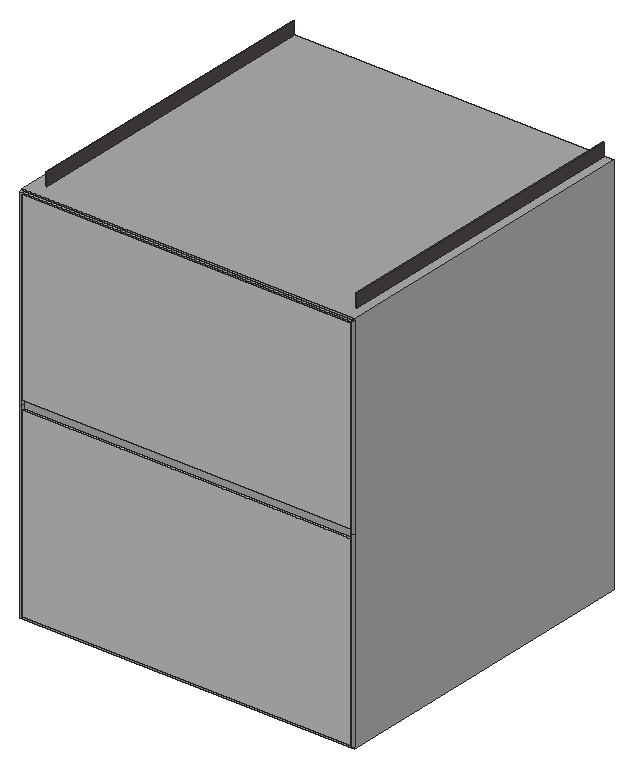
Revit family "vanity unit-hansgrohe-54174XXX-Xevolos E Vanity unit Slate Matt Grey 480_475 with 2 drawers for handrinse basin", category Furniture, Revit 2019
Family settings
  OmniClass Number = 23.40.00.00
  OmniClass Title = Equipment and Furnishings
  Work Plane-Based = No
  Always vertical = Yes
  Cut with Voids When Loaded = No
  Shared = Yes
  Room Calculation Point = No
Parameters (values of type "54174770-SLATE_MATT_GREY-METALLIC_SLATE_GREY-200")
  etim7_EC011381 = "EC011381"
  WEIGHT = "29"
  UNSPSC = "56 | Furniture and Furnishings"
  UNIFORMATII = "E2010 | Fixed Furnishings"
  UNICLASS_2015_CODE = "40_30_78_05"
  UNICLASS2015 = "Pr_40_30_78_05 | Bathroom furniture"
  SURFACE = "METALLIC_SLATE_GREY"
  REGION = "Worldwide"
  PRODUCTURL = "https://pro.hansgrohe.com/articledetail--54174770"
  PERMALINK = "54174XXX"
  OMNICLASS = "23-21 19 15 33 13 | Residential Bathroom Specialty Casework"
  OBJECTTYPE = "Object (single object)"
  OBERFLAECHE = "SLATE_MATT_GREY"
  NN = "Vanity unit with 2 drawers for handrinse basin"
  NBSYN = "$ARTNR.-$OBERFLAECHE.-$SURFACE.-$LODLEVEL."
  NB = "54174770-SLATE_MATT_GREY-METALLIC_SLATE_GREY-200"
  NAME = "Xevolos E Vanity unit Slate Matt Grey 480/475 with 2 drawers for handrinse basin"
  Model = "54174770-SLATE_MATT_GREY-METALLIC_SLATE_GREY-200"
  Manufacturer = "Hansgrohe"
  MIdent = "{$CADENAS_DATA/23d-libs/hansgrohe/xevolos_furniture/xevolos_vanity_unit_2_drawers_handrinse_basin/vanity_unit_2_drawers_for_handrinse_basin.prj},284 {VTYP=3D},{NB=54174770-SLATE_MATT_GREY-METALLIC_SLATE_GREY-200},{LINA=54174770-SLATE_MATT_GREY-METALLIC_SLATE_GREY-200},{NN=Vanity unit with 2 drawers for handrinse basin},{DATE=13.03.2023 12:26:32},{GEOMDATE=12.03.2023 06:54:00},{VERSION=},{LINEID=90},{WBVAR=LODLEVEL},{WBNUMERIC=}  {NB=54174770-SLATE_MATT_GREY-METALLIC_SLATE_GREY-200},{LINA=54174770-SLATE_MATT_GREY-METALLIC_SLATE_GREY-200},{KT=DUMMY},{IDNR=9},{ARTNR=54174770},{BASENUMBER=54174},{MODEL=54174XXX},{OBERFLAECHE=SLATE_MATT_GREY},{SURFACE=METALLIC_SLATE_GREY},{L=480},{LODLEVEL=200},{LODLEVELX='400','400','200','200'},{NAME=Xevolos E Vanity unit Slate Matt Grey 480/475 with 2 drawers for handrinse basin},{PERMALINK=54174XXX},{OBJECTTYPE=Object (single object)},{BIMOBJECT=Sanitary: Compound units},{COLLECTIONSET=Xevolos E},{COLLECTION=vanity unit},{WEIGHT=29},{DESCRIPTION=Xevolos E Vanity unit Slate Matt Grey 480/475 with 2 drawers for handrinse basin},{PRODUCTURL=https://pro.hansgrohe.com/articledetail--54174770},{GTINCODE=0},{TENDERURL=0},{IFC=Furnishing element},{ETIM=EC011381 | Bathroom furniture set},{UNICLASS2015=Pr_40_30_78_05 | Bathroom furniture},{OMNICLASS=23-21 19 15 33 13 | Residential Bathroom Specialty Casework},{MASTERFORMAT=12 35 30.23 | Bathroom Casework},{UNSPSC=56 | Furniture and Furnishings},{UNIFORMATII=E2010 | Fixed Furnishings},{REGION=Worldwide},{DESIGN=Germany},{MANUFACTURER=Germany}"
  MASTERFORMAT = "12 35 30.23 | Bathroom Casework"
  LODLEVEL = "200"
  LINA = "54174770-SLATE_MATT_GREY-METALLIC_SLATE_GREY-200"
  L = 480
  IFC = "Furnishing element"
  IDNR = 9
  ETIM = "EC011381 | Bathroom furniture set"
  DESIGN = "Germany"
  COLLECTIONSET = "Xevolos E"
  COLLECTION = "vanity unit"
  CATALOG = "Hansgrohe"
  BIMOBJECT = "Sanitary: Compound units"
  BASENUMBER = "54174"
  ARTNR = "54174770"
  54174770-SLATE_MATT_GREY-METALLIC_SLATE_GREY-400_RX0RY0RZ0TX0TY0TZ0_V = no
  54174770-SLATE_MATT_GREY-METALLIC_SLATE_GREY-200_RX0RY0RZ0TX0TY0TZ0_V = yes
  54174730-SLATE_MATT_GREY-DARK_OAK-400_RX0RY0RZ0TX0TY0TZ0_V = no
  54174730-SLATE_MATT_GREY-DARK_OAK-200_RX0RY0RZ0TX0TY0TZ0_V = no
  54174390-SLATE_MATT_GREY-PATTEREND_BRONZE-400_RX0RY0RZ0TX0TY0TZ0_V = no
  54174390-SLATE_MATT_GREY-PATTEREND_BRONZE-200_RX0RY0RZ0TX0TY0TZ0_V = no
Types (6, lengths in mm): name | SURFACE | NB | Model | MIdent | LODLEVEL | LINA | IDNR | ARTNR | 54174770-SLATE_MATT_GREY-METALLIC_SLATE_GREY-400_RX0RY0RZ0TX0TY0TZ0_V | 54174770-SLATE_MATT_GREY-METALLIC_SLATE_GREY-200_RX0RY0RZ0TX0TY0TZ0_V | 54174730-SLATE_MATT_GREY-DARK_OAK-400_RX0RY0RZ0TX0TY0TZ0_V | 54174730-SLATE_MATT_GREY-DARK_OAK-200_RX0RY0RZ0TX0TY0TZ0_V | 54174390-SLATE_MATT_GREY-PATTEREND_BRONZE-400_RX0RY0RZ0TX0TY0TZ0_V | 54174390-SLATE_MATT_GREY-PATTEREND_BRONZE-200_RX0RY0RZ0TX0TY0TZ0_V
  54174390-SLATE_MATT_GREY-PATTEREND_BRONZE-200 | "PATTEREND_BRONZE" | "54174390-SLATE_MATT_GREY-PATTEREND_BRONZE-200" | "54174390-SLATE_MATT_GREY-PATTEREND_BRONZE-200" | "{$CADENAS_DATA/23d-libs/hansgrohe/xevolos_furniture/xevolos_vanity_unit_2_drawers_handrinse_basin/vanity_unit_2_drawers_for_handrinse_basin.prj},278 {VTYP=3D},{NB=54174390-SLATE_MATT_GREY-PATTEREND_BRONZE-200},{LINA=54174390-SLATE_MATT_GREY-PATTEREND_BRONZE-200},{NN=Vanity unit with 2 drawers for handrinse basin},{DATE=13.03.2023 12:26:32},{GEOMDATE=12.03.2023 06:54:00},{VERSION=},{LINEID=70},{WBVAR=LODLEVEL},{WBNUMERIC=}  {NB=54174390-SLATE_MATT_GREY-PATTEREND_BRONZE-200},{LINA=54174390-SLATE_MATT_GREY-PATTEREND_BRONZE-200},{KT=DUMMY},{IDNR=7},{ARTNR=54174390},{BASENUMBER=54174},{MODEL=54174XXX},{OBERFLAECHE=SLATE_MATT_GREY},{SURFACE=PATTEREND_BRONZE},{L=480},{LODLEVEL=200},{LODLEVELX='400','400','200','200'},{NAME=Xevolos E Vanity unit Slate Matt Grey 480/475 with 2 drawers for handrinse basin},{PERMALINK=54174XXX},{OBJECTTYPE=Object (single object)},{BIMOBJECT=Sanitary: Compound units},{COLLECTIONSET=Xevolos E},{COLLECTION=vanity unit},{WEIGHT=29},{DESCRIPTION=Xevolos E Vanity unit Slate Matt Grey 480/475 with 2 drawers for handrinse basin},{PRODUCTURL=https://pro.hansgrohe.com/articledetail--54174770},{GTINCODE=0},{TENDERURL=0},{IFC=Furnishing element},{ETIM=EC011381 | Bathroom furniture set},{UNICLASS2015=Pr_40_30_78_05 | Bathroom furniture},{OMNICLASS=23-21 19 15 33 13 | Residential Bathroom Specialty Casework},{MASTERFORMAT=12 35 30.23 | Bathroom Casework},{UNSPSC=56 | Furniture and Furnishings},{UNIFORMATII=E2010 | Fixed Furnishings},{REGION=Worldwide},{DESIGN=Germany},{MANUFACTURER=Germany}" | "200" | "54174390-SLATE_MATT_GREY-PATTEREND_BRONZE-200" | 7 | "54174390" | no | no | no | no | no | yes
  54174390-SLATE_MATT_GREY-PATTEREND_BRONZE-400 | "PATTEREND_BRONZE" | "54174390-SLATE_MATT_GREY-PATTEREND_BRONZE-400" | "54174390-SLATE_MATT_GREY-PATTEREND_BRONZE-400" | "{$CADENAS_DATA/23d-libs/hansgrohe/xevolos_furniture/xevolos_vanity_unit_2_drawers_handrinse_basin/vanity_unit_2_drawers_for_handrinse_basin.prj},278 {VTYP=3D},{NB=54174390-SLATE_MATT_GREY-PATTEREND_BRONZE-400},{LINA=54174390-SLATE_MATT_GREY-PATTEREND_BRONZE-400},{NN=Vanity unit with 2 drawers for handrinse basin},{DATE=13.03.2023 12:26:32},{GEOMDATE=12.03.2023 06:54:00},{VERSION=},{LINEID=70},{WBVAR=LODLEVEL},{WBNUMERIC=}  {NB=54174390-SLATE_MATT_GREY-PATTEREND_BRONZE-400},{LINA=54174390-SLATE_MATT_GREY-PATTEREND_BRONZE-400},{KT=DUMMY},{IDNR=7},{ARTNR=54174390},{BASENUMBER=54174},{MODEL=54174XXX},{OBERFLAECHE=SLATE_MATT_GREY},{SURFACE=PATTEREND_BRONZE},{L=480},{LODLEVEL=400},{LODLEVELX='400','400','200','200'},{NAME=Xevolos E Vanity unit Slate Matt Grey 480/475 with 2 drawers for handrinse basin},{PERMALINK=54174XXX},{OBJECTTYPE=Object (single object)},{BIMOBJECT=Sanitary: Compound units},{COLLECTIONSET=Xevolos E},{COLLECTION=vanity unit},{WEIGHT=29},{DESCRIPTION=Xevolos E Vanity unit Slate Matt Grey 480/475 with 2 drawers for handrinse basin},{PRODUCTURL=https://pro.hansgrohe.com/articledetail--54174770},{GTINCODE=0},{TENDERURL=0},{IFC=Furnishing element},{ETIM=EC011381 | Bathroom furniture set},{UNICLASS2015=Pr_40_30_78_05 | Bathroom furniture},{OMNICLASS=23-21 19 15 33 13 | Residential Bathroom Specialty Casework},{MASTERFORMAT=12 35 30.23 | Bathroom Casework},{UNSPSC=56 | Furniture and Furnishings},{UNIFORMATII=E2010 | Fixed Furnishings},{REGION=Worldwide},{DESIGN=Germany},{MANUFACTURER=Germany}" | "400" | "54174390-SLATE_MATT_GREY-PATTEREND_BRONZE-400" | 7 | "54174390" | no | no | no | no | yes | no
  54174730-SLATE_MATT_GREY-DARK_OAK-200 | "DARK_OAK" | "54174730-SLATE_MATT_GREY-DARK_OAK-200" | "54174730-SLATE_MATT_GREY-DARK_OAK-200" | "{$CADENAS_DATA/23d-libs/hansgrohe/xevolos_furniture/xevolos_vanity_unit_2_drawers_handrinse_basin/vanity_unit_2_drawers_for_handrinse_basin.prj},262 {VTYP=3D},{NB=54174730-SLATE_MATT_GREY-DARK_OAK-200},{LINA=54174730-SLATE_MATT_GREY-DARK_OAK-200},{NN=Vanity unit with 2 drawers for handrinse basin},{DATE=13.03.2023 12:26:32},{GEOMDATE=12.03.2023 06:54:00},{VERSION=},{LINEID=80},{WBVAR=LODLEVEL},{WBNUMERIC=}  {NB=54174730-SLATE_MATT_GREY-DARK_OAK-200},{LINA=54174730-SLATE_MATT_GREY-DARK_OAK-200},{KT=DUMMY},{IDNR=8},{ARTNR=54174730},{BASENUMBER=54174},{MODEL=54174XXX},{OBERFLAECHE=SLATE_MATT_GREY},{SURFACE=DARK_OAK},{L=480},{LODLEVEL=200},{LODLEVELX='400','400','200','200'},{NAME=Xevolos E Vanity unit Slate Matt Grey 480/475 with 2 drawers for handrinse basin},{PERMALINK=54174XXX},{OBJECTTYPE=Object (single object)},{BIMOBJECT=Sanitary: Compound units},{COLLECTIONSET=Xevolos E},{COLLECTION=vanity unit},{WEIGHT=29},{DESCRIPTION=Xevolos E Vanity unit Slate Matt Grey 480/475 with 2 drawers for handrinse basin},{PRODUCTURL=https://pro.hansgrohe.com/articledetail--54174770},{GTINCODE=0},{TENDERURL=0},{IFC=Furnishing element},{ETIM=EC011381 | Bathroom furniture set},{UNICLASS2015=Pr_40_30_78_05 | Bathroom furniture},{OMNICLASS=23-21 19 15 33 13 | Residential Bathroom Specialty Casework},{MASTERFORMAT=12 35 30.23 | Bathroom Casework},{UNSPSC=56 | Furniture and Furnishings},{UNIFORMATII=E2010 | Fixed Furnishings},{REGION=Worldwide},{DESIGN=Germany},{MANUFACTURER=Germany}" | "200" | "54174730-SLATE_MATT_GREY-DARK_OAK-200" | 8 | "54174730" | no | no | no | yes | no | no
  54174730-SLATE_MATT_GREY-DARK_OAK-400 | "DARK_OAK" | "54174730-SLATE_MATT_GREY-DARK_OAK-400" | "54174730-SLATE_MATT_GREY-DARK_OAK-400" | "{$CADENAS_DATA/23d-libs/hansgrohe/xevolos_furniture/xevolos_vanity_unit_2_drawers_handrinse_basin/vanity_unit_2_drawers_for_handrinse_basin.prj},262 {VTYP=3D},{NB=54174730-SLATE_MATT_GREY-DARK_OAK-400},{LINA=54174730-SLATE_MATT_GREY-DARK_OAK-400},{NN=Vanity unit with 2 drawers for handrinse basin},{DATE=13.03.2023 12:26:32},{GEOMDATE=12.03.2023 06:54:00},{VERSION=},{LINEID=80},{WBVAR=LODLEVEL},{WBNUMERIC=}  {NB=54174730-SLATE_MATT_GREY-DARK_OAK-400},{LINA=54174730-SLATE_MATT_GREY-DARK_OAK-400},{KT=DUMMY},{IDNR=8},{ARTNR=54174730},{BASENUMBER=54174},{MODEL=54174XXX},{OBERFLAECHE=SLATE_MATT_GREY},{SURFACE=DARK_OAK},{L=480},{LODLEVEL=400},{LODLEVELX='400','400','200','200'},{NAME=Xevolos E Vanity unit Slate Matt Grey 480/475 with 2 drawers for handrinse basin},{PERMALINK=54174XXX},{OBJECTTYPE=Object (single object)},{BIMOBJECT=Sanitary: Compound units},{COLLECTIONSET=Xevolos E},{COLLECTION=vanity unit},{WEIGHT=29},{DESCRIPTION=Xevolos E Vanity unit Slate Matt Grey 480/475 with 2 drawers for handrinse basin},{PRODUCTURL=https://pro.hansgrohe.com/articledetail--54174770},{GTINCODE=0},{TENDERURL=0},{IFC=Furnishing element},{ETIM=EC011381 | Bathroom furniture set},{UNICLASS2015=Pr_40_30_78_05 | Bathroom furniture},{OMNICLASS=23-21 19 15 33 13 | Residential Bathroom Specialty Casework},{MASTERFORMAT=12 35 30.23 | Bathroom Casework},{UNSPSC=56 | Furniture and Furnishings},{UNIFORMATII=E2010 | Fixed Furnishings},{REGION=Worldwide},{DESIGN=Germany},{MANUFACTURER=Germany}" | "400" | "54174730-SLATE_MATT_GREY-DARK_OAK-400" | 8 | "54174730" | no | no | yes | no | no | no
  54174770-SLATE_MATT_GREY-METALLIC_SLATE_GREY-200 | "METALLIC_SLATE_GREY" | "54174770-SLATE_MATT_GREY-METALLIC_SLATE_GREY-200" | "54174770-SLATE_MATT_GREY-METALLIC_SLATE_GREY-200" | "{$CADENAS_DATA/23d-libs/hansgrohe/xevolos_furniture/xevolos_vanity_unit_2_drawers_handrinse_basin/vanity_unit_2_drawers_for_handrinse_basin.prj},284 {VTYP=3D},{NB=54174770-SLATE_MATT_GREY-METALLIC_SLATE_GREY-200},{LINA=54174770-SLATE_MATT_GREY-METALLIC_SLATE_GREY-200},{NN=Vanity unit with 2 drawers for handrinse basin},{DATE=13.03.2023 12:26:32},{GEOMDATE=12.03.2023 06:54:00},{VERSION=},{LINEID=90},{WBVAR=LODLEVEL},{WBNUMERIC=}  {NB=54174770-SLATE_MATT_GREY-METALLIC_SLATE_GREY-200},{LINA=54174770-SLATE_MATT_GREY-METALLIC_SLATE_GREY-200},{KT=DUMMY},{IDNR=9},{ARTNR=54174770},{BASENUMBER=54174},{MODEL=54174XXX},{OBERFLAECHE=SLATE_MATT_GREY},{SURFACE=METALLIC_SLATE_GREY},{L=480},{LODLEVEL=200},{LODLEVELX='400','400','200','200'},{NAME=Xevolos E Vanity unit Slate Matt Grey 480/475 with 2 drawers for handrinse basin},{PERMALINK=54174XXX},{OBJECTTYPE=Object (single object)},{BIMOBJECT=Sanitary: Compound units},{COLLECTIONSET=Xevolos E},{COLLECTION=vanity unit},{WEIGHT=29},{DESCRIPTION=Xevolos E Vanity unit Slate Matt Grey 480/475 with 2 drawers for handrinse basin},{PRODUCTURL=https://pro.hansgrohe.com/articledetail--54174770},{GTINCODE=0},{TENDERURL=0},{IFC=Furnishing element},{ETIM=EC011381 | Bathroom furniture set},{UNICLASS2015=Pr_40_30_78_05 | Bathroom furniture},{OMNICLASS=23-21 19 15 33 13 | Residential Bathroom Specialty Casework},{MASTERFORMAT=12 35 30.23 | Bathroom Casework},{UNSPSC=56 | Furniture and Furnishings},{UNIFORMATII=E2010 | Fixed Furnishings},{REGION=Worldwide},{DESIGN=Germany},{MANUFACTURER=Germany}" | "200" | "54174770-SLATE_MATT_GREY-METALLIC_SLATE_GREY-200" | 9 | "54174770" | no | yes | no | no | no | no
  54174770-SLATE_MATT_GREY-METALLIC_SLATE_GREY-400 | "METALLIC_SLATE_GREY" | "54174770-SLATE_MATT_GREY-METALLIC_SLATE_GREY-400" | "54174770-SLATE_MATT_GREY-METALLIC_SLATE_GREY-400" | "{$CADENAS_DATA/23d-libs/hansgrohe/xevolos_furniture/xevolos_vanity_unit_2_drawers_handrinse_basin/vanity_unit_2_drawers_for_handrinse_basin.prj},284 {VTYP=3D},{NB=54174770-SLATE_MATT_GREY-METALLIC_SLATE_GREY-400},{LINA=54174770-SLATE_MATT_GREY-METALLIC_SLATE_GREY-400},{NN=Vanity unit with 2 drawers for handrinse basin},{DATE=13.03.2023 12:26:32},{GEOMDATE=12.03.2023 06:54:00},{VERSION=},{LINEID=90},{WBVAR=LODLEVEL},{WBNUMERIC=}  {NB=54174770-SLATE_MATT_GREY-METALLIC_SLATE_GREY-400},{LINA=54174770-SLATE_MATT_GREY-METALLIC_SLATE_GREY-400},{KT=DUMMY},{IDNR=9},{ARTNR=54174770},{BASENUMBER=54174},{MODEL=54174XXX},{OBERFLAECHE=SLATE_MATT_GREY},{SURFACE=METALLIC_SLATE_GREY},{L=480},{LODLEVEL=400},{LODLEVELX='400','400','200','200'},{NAME=Xevolos E Vanity unit Slate Matt Grey 480/475 with 2 drawers for handrinse basin},{PERMALINK=54174XXX},{OBJECTTYPE=Object (single object)},{BIMOBJECT=Sanitary: Compound units},{COLLECTIONSET=Xevolos E},{COLLECTION=vanity unit},{WEIGHT=29},{DESCRIPTION=Xevolos E Vanity unit Slate Matt Grey 480/475 with 2 drawers for handrinse basin},{PRODUCTURL=https://pro.hansgrohe.com/articledetail--54174770},{GTINCODE=0},{TENDERURL=0},{IFC=Furnishing element},{ETIM=EC011381 | Bathroom furniture set},{UNICLASS2015=Pr_40_30_78_05 | Bathroom furniture},{OMNICLASS=23-21 19 15 33 13 | Residential Bathroom Specialty Casework},{MASTERFORMAT=12 35 30.23 | Bathroom Casework},{UNSPSC=56 | Furniture and Furnishings},{UNIFORMATII=E2010 | Fixed Furnishings},{REGION=Worldwide},{DESIGN=Germany},{MANUFACTURER=Germany}" | "400" | "54174770-SLATE_MATT_GREY-METALLIC_SLATE_GREY-400" | 9 | "54174770" | yes | no | no | no | no | no
Reference planes
  plane 1 "Center (Front/Back)": y = 0
  plane 2: z = 0
  plane 3 "Center (Left/Right)": x = 0
Dimensions and locks
  aligned and locked: level to plane 2
Nested families
  nested 1: "54174390-slate_matt_grey-patterend_bronze-200_content" at (0, 0, 0), visible <- "54174390-SLATE_MATT_GREY-PATTEREND_BRONZE-200_RX0RY0RZ0TX0TY0TZ0_V", ContentVisible <- "54174390-SLATE_MATT_GREY-PATTEREND_BRONZE-200_RX0RY0RZ0TX0TY0TZ0_V", type "54174390-SLATE_MATT_GREY-PATTEREND_BRONZE-200_Content"
    with ContentVisible no
  nested 2: "54174390-slate_matt_grey-patterend_bronze-400_content" at (0, 0, 0), visible <- "54174390-SLATE_MATT_GREY-PATTEREND_BRONZE-400_RX0RY0RZ0TX0TY0TZ0_V", ContentVisible <- "54174390-SLATE_MATT_GREY-PATTEREND_BRONZE-400_RX0RY0RZ0TX0TY0TZ0_V", type "54174390-SLATE_MATT_GREY-PATTEREND_BRONZE-400_Content"
    with ContentVisible no
  nested 3: "54174730-slate_matt_grey-dark_oak-200_content" at (0, 0, 0), visible <- "54174730-SLATE_MATT_GREY-DARK_OAK-200_RX0RY0RZ0TX0TY0TZ0_V", ContentVisible <- "54174730-SLATE_MATT_GREY-DARK_OAK-200_RX0RY0RZ0TX0TY0TZ0_V", type "54174730-SLATE_MATT_GREY-DARK_OAK-200_Content"
    with ContentVisible no
  nested 4: "54174730-slate_matt_grey-dark_oak-400_content" at (0, 0, 0), visible <- "54174730-SLATE_MATT_GREY-DARK_OAK-400_RX0RY0RZ0TX0TY0TZ0_V", ContentVisible <- "54174730-SLATE_MATT_GREY-DARK_OAK-400_RX0RY0RZ0TX0TY0TZ0_V", type "54174730-SLATE_MATT_GREY-DARK_OAK-400_Content"
    with ContentVisible no
  nested 5: "54174770-slate_matt_grey-metallic_slate_grey-200_content" at (0, 0, 0), visible <- "54174770-SLATE_MATT_GREY-METALLIC_SLATE_GREY-200_RX0RY0RZ0TX0TY0TZ0_V", ContentVisible <- "54174770-SLATE_MATT_GREY-METALLIC_SLATE_GREY-200_RX0RY0RZ0TX0TY0TZ0_V", type "54174770-SLATE_MATT_GREY-METALLIC_SLATE_GREY-200_Content"
    with ContentVisible yes
  nested 6: "54174770-slate_matt_grey-metallic_slate_grey-400_content" at (0, 0, 0), visible <- "54174770-SLATE_MATT_GREY-METALLIC_SLATE_GREY-400_RX0RY0RZ0TX0TY0TZ0_V", ContentVisible <- "54174770-SLATE_MATT_GREY-METALLIC_SLATE_GREY-400_RX0RY0RZ0TX0TY0TZ0_V", type "54174770-SLATE_MATT_GREY-METALLIC_SLATE_GREY-400_Content"
    with ContentVisible no
Definition of nested family "54174770-slate_matt_grey-metallic_slate_grey-200_content"
  Parameters (values of type "54174770-SLATE_MATT_GREY-METALLIC_SLATE_GREY-200_Content")
    etim7_EC011381 = "EC011381"
    WEIGHT = "29"
    UNSPSC = "56 | Furniture and Furnishings"
    UNIFORMATII = "E2010 | Fixed Furnishings"
    UNICLASS_2015_CODE = "40_30_78_05"
    UNICLASS2015 = "Pr_40_30_78_05 | Bathroom furniture"
    SURFACE = "METALLIC_SLATE_GREY"
    REGION = "Worldwide"
    PRODUCTURL = "https://pro.hansgrohe.com/articledetail--54174770"
    PERMALINK = "54174XXX"
    OMNICLASS = "23-21 19 15 33 13 | Residential Bathroom Specialty Casework"
    OBJECTTYPE = "Object (single object)"
    OBERFLAECHE = "SLATE_MATT_GREY"
    NN = "Vanity unit with 2 drawers for handrinse basin"
    NBSYN = "$ARTNR.-$OBERFLAECHE.-$SURFACE.-$LODLEVEL."
    NB = "54174770-SLATE_MATT_GREY-METALLIC_SLATE_GREY-200"
    NAME = "Xevolos E Vanity unit Slate Matt Grey 480/475 with 2 drawers for handrinse basin"
    Model = "54174770-SLATE_MATT_GREY-METALLIC_SLATE_GREY-200"
    Manufacturer = "Hansgrohe"
    MASTERFORMAT = "12 35 30.23 | Bathroom Casework"
    LODLEVEL = "200"
    LINA = "54174770-SLATE_MATT_GREY-METALLIC_SLATE_GREY-200"
    L = 480
    IFC = "Furnishing element"
    IDNR = 9
    ETIM = "EC011381 | Bathroom furniture set"
    Default Elevation = 1219.2 mm
    DESIGN = "Germany"
    ContentVisible [instance] = yes
    COLLECTIONSET = "Xevolos E"
    COLLECTION = "vanity unit"
    CATALOG = "Hansgrohe"
    BIMOBJECT = "Sanitary: Compound units"
    BASENUMBER = "54174"
    ARTNR = "54174770"
  Reference planes
    plane 1 "Center (Front/Back)": y = 0
    plane 2: z = 0
    plane 3 "Center (Left/Right)": x = 0
  Forms (mm)
    Extrusion 1, solid, visible <- "ContentVisible", detail levels medium+fine
      sketch origin (0, 0, 0) x (1, 0, 0) y (0, 1, 0)
        loop
          line (-240, 0) -> (-240, -468.3) -> (240, -468.3) -> (240, 0) -> (-240, 0)
      from 0 to 556
    Extrusion 2, solid, visible <- "ContentVisible", detail levels medium+fine
      sketch origin (0, -468.3, 0) x (1, 0, 0) y (0, 0, -1)
        loop
          line (-240, -278) -> (-238, -278) -> (-238, -4) -> (238, -4) -> (238, -278) -> (240, -278) -> (240, -2) -> (-240, -2) -> (-240, -278)
      from -4 to 0
    Extrusion 3, solid, visible <- "ContentVisible", detail levels medium+fine
      sketch origin (0, -468.3, 0) x (1, 0, 0) y (0, 0, -1)
        loop
          line (-240, -278) -> (-240, -554) -> (240, -554) -> (240, -278) -> (238, -278) -> (238, -552) -> (-238, -552) -> (-238, -278) -> (-240, -278)
      from -4 to 0
    Extrusion 4, solid, visible <- "ContentVisible", detail levels medium+fine
      sketch origin (0, -468.3, 0) x (1, 0, 0) y (0, 0, -1)
        loop
          line (-238, -272.5) -> (238, -272.5) -> (238, -4.5) -> (-238, -4.5) -> (-238, -272.5)
      from -4 to 0
    Extrusion 5, solid, visible <- "ContentVisible", detail levels medium+fine
      sketch origin (0, -468.3, 0) x (1, 0, 0) y (0, 0, -1)
        loop
          line (-238, -553.5) -> (238, -553.5) -> (238, -285.5) -> (-238, -285.5) -> (-238, -553.5)
      from -4 to 0
    Extrusion 6, solid, visible <- "ContentVisible", detail levels medium+fine
      sketch origin (-224, 0, 0) x (0, 0, -1) y (0, 1, 0)
        loop
          line (-574, 0) -> (-574, -446) -> (-534, -446) -> (-534, 0) -> (-574, 0)
      from 0 to 2
    Extrusion 7, solid, visible <- "ContentVisible", detail levels medium+fine
      sketch origin (224, 0, 0) x (0, 0, -1) y (0, 1, 0)
        loop
          line (-574, 0) -> (-574, -446) -> (-534, -446) -> (-534, 0) -> (-574, 0)
      from 0 to 2
    Extrusion 8, solid, visible <- "ContentVisible", detail levels coarse
      sketch origin (0, -236.15, 0) x (1, 0, 0) y (0, 1, 0)
        loop
          line (-240, -236.15) -> (240, -236.15) -> (240, 236.15) -> (-240, 236.15) -> (-240, -236.15)
      from 0 to 574
  Dimensions and locks
    aligned and locked: level to plane 2
Definition of nested family "54174390-slate_matt_grey-patterend_bronze-200_content"
  Parameters (values of type "54174390-SLATE_MATT_GREY-PATTEREND_BRONZE-200_Content")
    etim7_EC011381 = "EC011381"
    WEIGHT = "29"
    UNSPSC = "56 | Furniture and Furnishings"
    UNIFORMATII = "E2010 | Fixed Furnishings"
    UNICLASS_2015_CODE = "40_30_78_05"
    UNICLASS2015 = "Pr_40_30_78_05 | Bathroom furniture"
    SURFACE = "PATTEREND_BRONZE"
    REGION = "Worldwide"
    PRODUCTURL = "https://pro.hansgrohe.com/articledetail--54174770"
    PERMALINK = "54174XXX"
    OMNICLASS = "23-21 19 15 33 13 | Residential Bathroom Specialty Casework"
    OBJECTTYPE = "Object (single object)"
    OBERFLAECHE = "SLATE_MATT_GREY"
    NN = "Vanity unit with 2 drawers for handrinse basin"
    NBSYN = "$ARTNR.-$OBERFLAECHE.-$SURFACE.-$LODLEVEL."
    NB = "54174390-SLATE_MATT_GREY-PATTEREND_BRONZE-200"
    NAME = "Xevolos E Vanity unit Slate Matt Grey 480/475 with 2 drawers for handrinse basin"
    Model = "54174390-SLATE_MATT_GREY-PATTEREND_BRONZE-200"
    Manufacturer = "Hansgrohe"
    MASTERFORMAT = "12 35 30.23 | Bathroom Casework"
    LODLEVEL = "200"
    LINA = "54174390-SLATE_MATT_GREY-PATTEREND_BRONZE-200"
    L = 480
    IFC = "Furnishing element"
    IDNR = 7
    ETIM = "EC011381 | Bathroom furniture set"
    Default Elevation = 1219.2 mm
    DESIGN = "Germany"
    ContentVisible [instance] = yes
    COLLECTIONSET = "Xevolos E"
    COLLECTION = "vanity unit"
    CATALOG = "Hansgrohe"
    BIMOBJECT = "Sanitary: Compound units"
    BASENUMBER = "54174"
    ARTNR = "54174390"
  Reference planes
    plane 1 "Center (Front/Back)": y = 0
    plane 2: z = 0
    plane 3 "Center (Left/Right)": x = 0
  Forms (mm)
    Extrusion 1, solid, visible <- "ContentVisible", detail levels medium+fine
      sketch origin (0, 0, 0) x (1, 0, 0) y (0, 1, 0)
        loop
          line (-240, 0) -> (-240, -468.3) -> (240, -468.3) -> (240, 0) -> (-240, 0)
      from 0 to 556
    Extrusion 2, solid, visible <- "ContentVisible", detail levels medium+fine
      sketch origin (0, -468.3, 0) x (1, 0, 0) y (0, 0, -1)
        loop
          line (-240, -278) -> (-238, -278) -> (-238, -4) -> (238, -4) -> (238, -278) -> (240, -278) -> (240, -2) -> (-240, -2) -> (-240, -278)
      from -4 to 0
    Extrusion 3, solid, visible <- "ContentVisible", detail levels medium+fine
      sketch origin (0, -468.3, 0) x (1, 0, 0) y (0, 0, -1)
        loop
          line (-240, -278) -> (-240, -554) -> (240, -554) -> (240, -278) -> (238, -278) -> (238, -552) -> (-238, -552) -> (-238, -278) -> (-240, -278)
      from -4 to 0
    Extrusion 4, solid, visible <- "ContentVisible", detail levels medium+fine
      sketch origin (0, -468.3, 0) x (1, 0, 0) y (0, 0, -1)
        loop
          line (-238, -272.5) -> (238, -272.5) -> (238, -4.5) -> (-238, -4.5) -> (-238, -272.5)
      from -4 to 0
    Extrusion 5, solid, visible <- "ContentVisible", detail levels medium+fine
      sketch origin (0, -468.3, 0) x (1, 0, 0) y (0, 0, -1)
        loop
          line (-238, -553.5) -> (238, -553.5) -> (238, -285.5) -> (-238, -285.5) -> (-238, -553.5)
      from -4 to 0
    Extrusion 6, solid, visible <- "ContentVisible", detail levels medium+fine
      sketch origin (-224, 0, 0) x (0, 0, -1) y (0, 1, 0)
        loop
          line (-574, 0) -> (-574, -446) -> (-534, -446) -> (-534, 0) -> (-574, 0)
      from 0 to 2
    Extrusion 7, solid, visible <- "ContentVisible", detail levels medium+fine
      sketch origin (224, 0, 0) x (0, 0, -1) y (0, 1, 0)
        loop
          line (-574, 0) -> (-574, -446) -> (-534, -446) -> (-534, 0) -> (-574, 0)
      from 0 to 2
    Extrusion 8, solid, visible <- "ContentVisible", detail levels coarse
      sketch origin (0, -236.15, 0) x (1, 0, 0) y (0, 1, 0)
        loop
          line (-240, -236.15) -> (240, -236.15) -> (240, 236.15) -> (-240, 236.15) -> (-240, -236.15)
      from 0 to 574
  Dimensions and locks
    aligned and locked: level to plane 2
Definition of nested family "54174390-slate_matt_grey-patterend_bronze-400_content"
  Parameters (values of type "54174390-SLATE_MATT_GREY-PATTEREND_BRONZE-400_Content")
    etim7_EC011381 = "EC011381"
    WEIGHT = "29"
    UNSPSC = "56 | Furniture and Furnishings"
    UNIFORMATII = "E2010 | Fixed Furnishings"
    UNICLASS_2015_CODE = "40_30_78_05"
    UNICLASS2015 = "Pr_40_30_78_05 | Bathroom furniture"
    SURFACE = "PATTEREND_BRONZE"
    REGION = "Worldwide"
    PRODUCTURL = "https://pro.hansgrohe.com/articledetail--54174770"
    PERMALINK = "54174XXX"
    OMNICLASS = "23-21 19 15 33 13 | Residential Bathroom Specialty Casework"
    OBJECTTYPE = "Object (single object)"
    OBERFLAECHE = "SLATE_MATT_GREY"
    NN = "Vanity unit with 2 drawers for handrinse basin"
    NBSYN = "$ARTNR.-$OBERFLAECHE.-$SURFACE.-$LODLEVEL."
    NB = "54174390-SLATE_MATT_GREY-PATTEREND_BRONZE-400"
    NAME = "Xevolos E Vanity unit Slate Matt Grey 480/475 with 2 drawers for handrinse basin"
    Model = "54174390-SLATE_MATT_GREY-PATTEREND_BRONZE-400"
    Manufacturer = "Hansgrohe"
    MASTERFORMAT = "12 35 30.23 | Bathroom Casework"
    LODLEVEL = "400"
    LINA = "54174390-SLATE_MATT_GREY-PATTEREND_BRONZE-400"
    L = 480
    IFC = "Furnishing element"
    IDNR = 7
    ETIM = "EC011381 | Bathroom furniture set"
    Default Elevation = 1219.2 mm
    DESIGN = "Germany"
    ContentVisible [instance] = yes
    COLLECTIONSET = "Xevolos E"
    COLLECTION = "vanity unit"
    CATALOG = "Hansgrohe"
    BIMOBJECT = "Sanitary: Compound units"
    BASENUMBER = "54174"
    ARTNR = "54174390"
  Reference planes
    plane 1 "Center (Front/Back)": y = 0
    plane 2: z = 0
    plane 3 "Center (Left/Right)": x = 0
  Forms (mm)
    Extrusion 1, solid, visible <- "ContentVisible", detail levels medium+fine
      sketch origin (0, 0, 0) x (1, 0, 0) y (0, 1, 0)
        loop
          line (-240, 0) -> (-240, -472.3) -> (-238, -472.3) -> (-238, -468.3) -> (-224, -468.3) -> (-224, 0) -> (-240, 0)
      from 0 to 556
    Extrusion 2, solid, visible <- "ContentVisible", detail levels medium+fine
      sketch origin (0, 0, 0) x (1, 0, 0) y (0, 1, 0)
        loop
          line (-224, -79) -> (-224, -445.5) -> (224, -445.5) -> (224, -79) -> (-224, -79)
      from 0 to 16
    Extrusion 3, solid, visible <- "ContentVisible", detail levels medium+fine
      sketch origin (0, 0, 0) x (1, 0, 0) y (0, 1, 0)
        loop
          line (224, 0) -> (224, -468.3) -> (238, -468.3) -> (238, -472.3) -> (240, -472.3) -> (240, 0) -> (224, 0)
      from 0 to 556
    Extrusion 4, solid, visible <- "ContentVisible", detail levels medium+fine
      sketch origin (0, 0, 0.5) x (1, 0, 0) y (0, 1, 0)
        loop
          line (-224, -63) -> (-224, -79) -> (224, -79) -> (224, -63) -> (-224, -63)
      from 0 to 126
    Extrusion 5, solid, visible <- "ContentVisible", detail levels medium+fine
      sketch origin (0, 0, 2) x (1, 0, 0) y (0, 1, 0)
        loop
          line (-238, -451) -> (-238, -472.3) -> (238, -472.3) -> (238, -451) -> (-238, -451)
      from 0 to 2
    Extrusion 6, solid, visible <- "ContentVisible", detail levels medium+fine
      sketch origin (0, 0, 554) x (1, 0, 0) y (0, 1, 0)
        loop
          line (-238, -451) -> (-238, -472.3) -> (238, -472.3) -> (238, -451) -> (-238, -451)
      from -2 to 0
    Extrusion 7, solid, visible <- "ContentVisible", detail levels medium+fine
      sketch origin (0, -468.3, 0) x (1, 0, 0) y (0, 0, -1)
        loop
          line (-238, -272.5) -> (238, -272.5) -> (238, -4.5) -> (-238, -4.5) -> (-238, -272.5)
      from -4 to 0
    Extrusion 8, solid, visible <- "ContentVisible", detail levels medium+fine
      sketch origin (0, -468.3, 0) x (1, 0, 0) y (0, 0, -1)
        loop
          line (-238, -553.5) -> (238, -553.5) -> (238, -285.5) -> (-238, -285.5) -> (-238, -553.5)
      from -4 to 0
    Extrusion 9, solid, visible <- "ContentVisible", detail levels medium+fine
      sketch origin (0, 0, 272.5) x (1, 0, 0) y (0, 1, 0)
        loop
          line (-238, -451) -> (-238, -472.3) -> (238, -472.3) -> (238, -451) -> (-238, -451)
      from 0 to 2
    Extrusion 10, solid, visible <- "ContentVisible", detail levels medium+fine
      sketch origin (0, 0, 285.5) x (1, 0, 0) y (0, 1, 0)
        loop
          line (-238, -451) -> (-238, -472.3) -> (238, -472.3) -> (238, -451) -> (-238, -451)
      from -2 to 0
    Extrusion 11, solid, visible <- "ContentVisible", detail levels medium+fine
      sketch origin (0, -468.3, 0) x (1, 0, 0) y (0, 0, -1)
        loop
          line (-238, -274.5) -> (238, -274.5) -> (238, -4.5) -> (-238, -4.5) -> (-238, -274.5)
        loop
          line (-164, -78) -> (-164, -272.5) -> (164, -272.5) -> (164, -78) -> (-164, -78)
      from 0 to 17
    Extrusion 12, solid, visible <- "ContentVisible", detail levels medium+fine
      sketch origin (0, -468.3, 0) x (1, 0, 0) y (0, 0, -1)
        loop
          line (-238, -553.5) -> (-162, -553.5) -> (-162, -361.5) -> (162, -361.5) -> (162, -553.5) -> (238, -553.5) -> (238, -285.5) -> (-238, -285.5) -> (-238, -553.5)
      from 0 to 17
    Extrusion 13, solid, visible <- "ContentVisible", detail levels medium+fine
      sketch origin (-224, 0, 0) x (0, 0, -1) y (0, 1, 0)
        loop
          line (-574, 0) -> (-574, -446) -> (-534, -446) -> (-534, 0) -> (-574, 0)
      from 0 to 2
    Extrusion 14, solid, visible <- "ContentVisible", detail levels medium+fine
      sketch origin (224, 0, 0) x (0, 0, -1) y (0, 1, 0)
        loop
          line (-574, 0) -> (-574, -446) -> (-534, -446) -> (-534, 0) -> (-574, 0)
      from 0 to 2
    Extrusion 15, solid, visible <- "ContentVisible", detail levels medium+fine
      sketch origin (0, 0, 0) x (0, 0, -1) y (0, 1, 0)
        loop
          line (-285, -319.5) -> (-285, -444) -> (-269, -444) -> (-269, -319.5) -> (-285, -319.5)
      from -224 to 224
    Extrusion 16, solid, visible <- "ContentVisible", detail levels coarse
      sketch origin (0, -236.15, 0) x (1, 0, 0) y (0, 1, 0)
        loop
          line (-240, -236.15) -> (240, -236.15) -> (240, 236.15) -> (-240, 236.15) -> (-240, -236.15)
      from 0 to 574
  Dimensions and locks
    aligned and locked: level to plane 2
Definition of nested family "54174730-slate_matt_grey-dark_oak-200_content"
  Parameters (values of type "54174730-SLATE_MATT_GREY-DARK_OAK-200_Content")
    etim7_EC011381 = "EC011381"
    WEIGHT = "29"
    UNSPSC = "56 | Furniture and Furnishings"
    UNIFORMATII = "E2010 | Fixed Furnishings"
    UNICLASS_2015_CODE = "40_30_78_05"
    UNICLASS2015 = "Pr_40_30_78_05 | Bathroom furniture"
    SURFACE = "DARK_OAK"
    REGION = "Worldwide"
    PRODUCTURL = "https://pro.hansgrohe.com/articledetail--54174770"
    PERMALINK = "54174XXX"
    OMNICLASS = "23-21 19 15 33 13 | Residential Bathroom Specialty Casework"
    OBJECTTYPE = "Object (single object)"
    OBERFLAECHE = "SLATE_MATT_GREY"
    NN = "Vanity unit with 2 drawers for handrinse basin"
    NBSYN = "$ARTNR.-$OBERFLAECHE.-$SURFACE.-$LODLEVEL."
    NB = "54174730-SLATE_MATT_GREY-DARK_OAK-200"
    NAME = "Xevolos E Vanity unit Slate Matt Grey 480/475 with 2 drawers for handrinse basin"
    Model = "54174730-SLATE_MATT_GREY-DARK_OAK-200"
    Manufacturer = "Hansgrohe"
    MASTERFORMAT = "12 35 30.23 | Bathroom Casework"
    LODLEVEL = "200"
    LINA = "54174730-SLATE_MATT_GREY-DARK_OAK-200"
    L = 480
    IFC = "Furnishing element"
    IDNR = 8
    ETIM = "EC011381 | Bathroom furniture set"
    Default Elevation = 1219.2 mm
    DESIGN = "Germany"
    ContentVisible [instance] = yes
    COLLECTIONSET = "Xevolos E"
    COLLECTION = "vanity unit"
    CATALOG = "Hansgrohe"
    BIMOBJECT = "Sanitary: Compound units"
    BASENUMBER = "54174"
    ARTNR = "54174730"
  Reference planes
    plane 1 "Center (Front/Back)": y = 0
    plane 2: z = 0
    plane 3 "Center (Left/Right)": x = 0
  Forms (mm)
    Extrusion 1, solid, visible <- "ContentVisible", detail levels medium+fine
      sketch origin (0, 0, 0) x (1, 0, 0) y (0, 1, 0)
        loop
          line (-240, 0) -> (-240, -468.3) -> (240, -468.3) -> (240, 0) -> (-240, 0)
      from 0 to 556
    Extrusion 2, solid, visible <- "ContentVisible", detail levels medium+fine
      sketch origin (0, -468.3, 0) x (1, 0, 0) y (0, 0, -1)
        loop
          line (-240, -278) -> (-238, -278) -> (-238, -4) -> (238, -4) -> (238, -278) -> (240, -278) -> (240, -2) -> (-240, -2) -> (-240, -278)
      from -4 to 0
    Extrusion 3, solid, visible <- "ContentVisible", detail levels medium+fine
      sketch origin (0, -468.3, 0) x (1, 0, 0) y (0, 0, -1)
        loop
          line (-240, -278) -> (-240, -554) -> (240, -554) -> (240, -278) -> (238, -278) -> (238, -552) -> (-238, -552) -> (-238, -278) -> (-240, -278)
      from -4 to 0
    Extrusion 4, solid, visible <- "ContentVisible", detail levels medium+fine
      sketch origin (0, -468.3, 0) x (1, 0, 0) y (0, 0, -1)
        loop
          line (-238, -272.5) -> (238, -272.5) -> (238, -4.5) -> (-238, -4.5) -> (-238, -272.5)
      from -4 to 0
    Extrusion 5, solid, visible <- "ContentVisible", detail levels medium+fine
      sketch origin (0, -468.3, 0) x (1, 0, 0) y (0, 0, -1)
        loop
          line (-238, -553.5) -> (238, -553.5) -> (238, -285.5) -> (-238, -285.5) -> (-238, -553.5)
      from -4 to 0
    Extrusion 6, solid, visible <- "ContentVisible", detail levels medium+fine
      sketch origin (-224, 0, 0) x (0, 0, -1) y (0, 1, 0)
        loop
          line (-574, 0) -> (-574, -446) -> (-534, -446) -> (-534, 0) -> (-574, 0)
      from 0 to 2
    Extrusion 7, solid, visible <- "ContentVisible", detail levels medium+fine
      sketch origin (224, 0, 0) x (0, 0, -1) y (0, 1, 0)
        loop
          line (-574, 0) -> (-574, -446) -> (-534, -446) -> (-534, 0) -> (-574, 0)
      from 0 to 2
    Extrusion 8, solid, visible <- "ContentVisible", detail levels coarse
      sketch origin (0, -236.15, 0) x (1, 0, 0) y (0, 1, 0)
        loop
          line (-240, -236.15) -> (240, -236.15) -> (240, 236.15) -> (-240, 236.15) -> (-240, -236.15)
      from 0 to 574
  Dimensions and locks
    aligned and locked: level to plane 2
Definition of nested family "54174730-slate_matt_grey-dark_oak-400_content"
  Parameters (values of type "54174730-SLATE_MATT_GREY-DARK_OAK-400_Content")
    etim7_EC011381 = "EC011381"
    WEIGHT = "29"
    UNSPSC = "56 | Furniture and Furnishings"
    UNIFORMATII = "E2010 | Fixed Furnishings"
    UNICLASS_2015_CODE = "40_30_78_05"
    UNICLASS2015 = "Pr_40_30_78_05 | Bathroom furniture"
    SURFACE = "DARK_OAK"
    REGION = "Worldwide"
    PRODUCTURL = "https://pro.hansgrohe.com/articledetail--54174770"
    PERMALINK = "54174XXX"
    OMNICLASS = "23-21 19 15 33 13 | Residential Bathroom Specialty Casework"
    OBJECTTYPE = "Object (single object)"
    OBERFLAECHE = "SLATE_MATT_GREY"
    NN = "Vanity unit with 2 drawers for handrinse basin"
    NBSYN = "$ARTNR.-$OBERFLAECHE.-$SURFACE.-$LODLEVEL."
    NB = "54174730-SLATE_MATT_GREY-DARK_OAK-400"
    NAME = "Xevolos E Vanity unit Slate Matt Grey 480/475 with 2 drawers for handrinse basin"
    Model = "54174730-SLATE_MATT_GREY-DARK_OAK-400"
    Manufacturer = "Hansgrohe"
    MASTERFORMAT = "12 35 30.23 | Bathroom Casework"
    LODLEVEL = "400"
    LINA = "54174730-SLATE_MATT_GREY-DARK_OAK-400"
    L = 480
    IFC = "Furnishing element"
    IDNR = 8
    ETIM = "EC011381 | Bathroom furniture set"
    Default Elevation = 1219.2 mm
    DESIGN = "Germany"
    ContentVisible [instance] = yes
    COLLECTIONSET = "Xevolos E"
    COLLECTION = "vanity unit"
    CATALOG = "Hansgrohe"
    BIMOBJECT = "Sanitary: Compound units"
    BASENUMBER = "54174"
    ARTNR = "54174730"
  Reference planes
    plane 1 "Center (Front/Back)": y = 0
    plane 2: z = 0
    plane 3 "Center (Left/Right)": x = 0
  Forms (mm)
    Extrusion 1, solid, visible <- "ContentVisible", detail levels medium+fine
      sketch origin (0, 0, 0) x (1, 0, 0) y (0, 1, 0)
        loop
          line (-240, 0) -> (-240, -472.3) -> (-238, -472.3) -> (-238, -468.3) -> (-224, -468.3) -> (-224, 0) -> (-240, 0)
      from 0 to 556
    Extrusion 2, solid, visible <- "ContentVisible", detail levels medium+fine
      sketch origin (0, 0, 0) x (1, 0, 0) y (0, 1, 0)
        loop
          line (-224, -79) -> (-224, -445.5) -> (224, -445.5) -> (224, -79) -> (-224, -79)
      from 0 to 16
    Extrusion 3, solid, visible <- "ContentVisible", detail levels medium+fine
      sketch origin (0, 0, 0) x (1, 0, 0) y (0, 1, 0)
        loop
          line (224, 0) -> (224, -468.3) -> (238, -468.3) -> (238, -472.3) -> (240, -472.3) -> (240, 0) -> (224, 0)
      from 0 to 556
    Extrusion 4, solid, visible <- "ContentVisible", detail levels medium+fine
      sketch origin (0, 0, 0.5) x (1, 0, 0) y (0, 1, 0)
        loop
          line (-224, -63) -> (-224, -79) -> (224, -79) -> (224, -63) -> (-224, -63)
      from 0 to 126
    Extrusion 5, solid, visible <- "ContentVisible", detail levels medium+fine
      sketch origin (0, 0, 2) x (1, 0, 0) y (0, 1, 0)
        loop
          line (-238, -451) -> (-238, -472.3) -> (238, -472.3) -> (238, -451) -> (-238, -451)
      from 0 to 2
    Extrusion 6, solid, visible <- "ContentVisible", detail levels medium+fine
      sketch origin (0, 0, 554) x (1, 0, 0) y (0, 1, 0)
        loop
          line (-238, -451) -> (-238, -472.3) -> (238, -472.3) -> (238, -451) -> (-238, -451)
      from -2 to 0
    Extrusion 7, solid, visible <- "ContentVisible", detail levels medium+fine
      sketch origin (0, -468.3, 0) x (1, 0, 0) y (0, 0, -1)
        loop
          line (-238, -272.5) -> (238, -272.5) -> (238, -4.5) -> (-238, -4.5) -> (-238, -272.5)
      from -4 to 0
    Extrusion 8, solid, visible <- "ContentVisible", detail levels medium+fine
      sketch origin (0, -468.3, 0) x (1, 0, 0) y (0, 0, -1)
        loop
          line (-238, -553.5) -> (238, -553.5) -> (238, -285.5) -> (-238, -285.5) -> (-238, -553.5)
      from -4 to 0
    Extrusion 9, solid, visible <- "ContentVisible", detail levels medium+fine
      sketch origin (0, 0, 272.5) x (1, 0, 0) y (0, 1, 0)
        loop
          line (-238, -451) -> (-238, -472.3) -> (238, -472.3) -> (238, -451) -> (-238, -451)
      from 0 to 2
    Extrusion 10, solid, visible <- "ContentVisible", detail levels medium+fine
      sketch origin (0, 0, 285.5) x (1, 0, 0) y (0, 1, 0)
        loop
          line (-238, -451) -> (-238, -472.3) -> (238, -472.3) -> (238, -451) -> (-238, -451)
      from -2 to 0
    Extrusion 11, solid, visible <- "ContentVisible", detail levels medium+fine
      sketch origin (0, -468.3, 0) x (1, 0, 0) y (0, 0, -1)
        loop
          line (-238, -274.5) -> (238, -274.5) -> (238, -4.5) -> (-238, -4.5) -> (-238, -274.5)
        loop
          line (-164, -78) -> (-164, -272.5) -> (164, -272.5) -> (164, -78) -> (-164, -78)
      from 0 to 17
    Extrusion 12, solid, visible <- "ContentVisible", detail levels medium+fine
      sketch origin (0, -468.3, 0) x (1, 0, 0) y (0, 0, -1)
        loop
          line (-238, -553.5) -> (-162, -553.5) -> (-162, -361.5) -> (162, -361.5) -> (162, -553.5) -> (238, -553.5) -> (238, -285.5) -> (-238, -285.5) -> (-238, -553.5)
      from 0 to 17
    Extrusion 13, solid, visible <- "ContentVisible", detail levels medium+fine
      sketch origin (-224, 0, 0) x (0, 0, -1) y (0, 1, 0)
        loop
          line (-574, 0) -> (-574, -446) -> (-534, -446) -> (-534, 0) -> (-574, 0)
      from 0 to 2
    Extrusion 14, solid, visible <- "ContentVisible", detail levels medium+fine
      sketch origin (224, 0, 0) x (0, 0, -1) y (0, 1, 0)
        loop
          line (-574, 0) -> (-574, -446) -> (-534, -446) -> (-534, 0) -> (-574, 0)
      from 0 to 2
    Extrusion 15, solid, visible <- "ContentVisible", detail levels medium+fine
      sketch origin (0, 0, 0) x (0, 0, -1) y (0, 1, 0)
        loop
          line (-285, -319.5) -> (-285, -444) -> (-269, -444) -> (-269, -319.5) -> (-285, -319.5)
      from -224 to 224
    Extrusion 16, solid, visible <- "ContentVisible", detail levels coarse
      sketch origin (0, -236.15, 0) x (1, 0, 0) y (0, 1, 0)
        loop
          line (-240, -236.15) -> (240, -236.15) -> (240, 236.15) -> (-240, 236.15) -> (-240, -236.15)
      from 0 to 574
  Dimensions and locks
    aligned and locked: level to plane 2
Definition of nested family "54174770-slate_matt_grey-metallic_slate_grey-400_content"
  Parameters (values of type "54174770-SLATE_MATT_GREY-METALLIC_SLATE_GREY-400_Content")
    etim7_EC011381 = "EC011381"
    WEIGHT = "29"
    UNSPSC = "56 | Furniture and Furnishings"
    UNIFORMATII = "E2010 | Fixed Furnishings"
    UNICLASS_2015_CODE = "40_30_78_05"
    UNICLASS2015 = "Pr_40_30_78_05 | Bathroom furniture"
    SURFACE = "METALLIC_SLATE_GREY"
    REGION = "Worldwide"
    PRODUCTURL = "https://pro.hansgrohe.com/articledetail--54174770"
    PERMALINK = "54174XXX"
    OMNICLASS = "23-21 19 15 33 13 | Residential Bathroom Specialty Casework"
    OBJECTTYPE = "Object (single object)"
    OBERFLAECHE = "SLATE_MATT_GREY"
    NN = "Vanity unit with 2 drawers for handrinse basin"
    NBSYN = "$ARTNR.-$OBERFLAECHE.-$SURFACE.-$LODLEVEL."
    NB = "54174770-SLATE_MATT_GREY-METALLIC_SLATE_GREY-400"
    NAME = "Xevolos E Vanity unit Slate Matt Grey 480/475 with 2 drawers for handrinse basin"
    Model = "54174770-SLATE_MATT_GREY-METALLIC_SLATE_GREY-400"
    Manufacturer = "Hansgrohe"
    MASTERFORMAT = "12 35 30.23 | Bathroom Casework"
    LODLEVEL = "400"
    LINA = "54174770-SLATE_MATT_GREY-METALLIC_SLATE_GREY-400"
    L = 480
    IFC = "Furnishing element"
    IDNR = 9
    ETIM = "EC011381 | Bathroom furniture set"
    Default Elevation = 1219.2 mm
    DESIGN = "Germany"
    ContentVisible [instance] = yes
    COLLECTIONSET = "Xevolos E"
    COLLECTION = "vanity unit"
    CATALOG = "Hansgrohe"
    BIMOBJECT = "Sanitary: Compound units"
    BASENUMBER = "54174"
    ARTNR = "54174770"
  Reference planes
    plane 1 "Center (Front/Back)": y = 0
    plane 2: z = 0
    plane 3 "Center (Left/Right)": x = 0
  Forms (mm)
    Extrusion 1, solid, visible <- "ContentVisible", detail levels medium+fine
      sketch origin (0, 0, 0) x (1, 0, 0) y (0, 1, 0)
        loop
          line (-240, 0) -> (-240, -472.3) -> (-238, -472.3) -> (-238, -468.3) -> (-224, -468.3) -> (-224, 0) -> (-240, 0)
      from 0 to 556
    Extrusion 2, solid, visible <- "ContentVisible", detail levels medium+fine
      sketch origin (0, 0, 0) x (1, 0, 0) y (0, 1, 0)
        loop
          line (-224, -79) -> (-224, -445.5) -> (224, -445.5) -> (224, -79) -> (-224, -79)
      from 0 to 16
    Extrusion 3, solid, visible <- "ContentVisible", detail levels medium+fine
      sketch origin (0, 0, 0) x (1, 0, 0) y (0, 1, 0)
        loop
          line (224, 0) -> (224, -468.3) -> (238, -468.3) -> (238, -472.3) -> (240, -472.3) -> (240, 0) -> (224, 0)
      from 0 to 556
    Extrusion 4, solid, visible <- "ContentVisible", detail levels medium+fine
      sketch origin (0, 0, 0.5) x (1, 0, 0) y (0, 1, 0)
        loop
          line (-224, -63) -> (-224, -79) -> (224, -79) -> (224, -63) -> (-224, -63)
      from 0 to 126
    Extrusion 5, solid, visible <- "ContentVisible", detail levels medium+fine
      sketch origin (0, 0, 2) x (1, 0, 0) y (0, 1, 0)
        loop
          line (-238, -451) -> (-238, -472.3) -> (238, -472.3) -> (238, -451) -> (-238, -451)
      from 0 to 2
    Extrusion 6, solid, visible <- "ContentVisible", detail levels medium+fine
      sketch origin (0, 0, 554) x (1, 0, 0) y (0, 1, 0)
        loop
          line (-238, -451) -> (-238, -472.3) -> (238, -472.3) -> (238, -451) -> (-238, -451)
      from -2 to 0
    Extrusion 7, solid, visible <- "ContentVisible", detail levels medium+fine
      sketch origin (0, -468.3, 0) x (1, 0, 0) y (0, 0, -1)
        loop
          line (-238, -272.5) -> (238, -272.5) -> (238, -4.5) -> (-238, -4.5) -> (-238, -272.5)
      from -4 to 0
    Extrusion 8, solid, visible <- "ContentVisible", detail levels medium+fine
      sketch origin (0, -468.3, 0) x (1, 0, 0) y (0, 0, -1)
        loop
          line (-238, -553.5) -> (238, -553.5) -> (238, -285.5) -> (-238, -285.5) -> (-238, -553.5)
      from -4 to 0
    Extrusion 9, solid, visible <- "ContentVisible", detail levels medium+fine
      sketch origin (0, 0, 272.5) x (1, 0, 0) y (0, 1, 0)
        loop
          line (-238, -451) -> (-238, -472.3) -> (238, -472.3) -> (238, -451) -> (-238, -451)
      from 0 to 2
    Extrusion 10, solid, visible <- "ContentVisible", detail levels medium+fine
      sketch origin (0, 0, 285.5) x (1, 0, 0) y (0, 1, 0)
        loop
          line (-238, -451) -> (-238, -472.3) -> (238, -472.3) -> (238, -451) -> (-238, -451)
      from -2 to 0
    Extrusion 11, solid, visible <- "ContentVisible", detail levels medium+fine
      sketch origin (0, -468.3, 0) x (1, 0, 0) y (0, 0, -1)
        loop
          line (-238, -274.5) -> (238, -274.5) -> (238, -4.5) -> (-238, -4.5) -> (-238, -274.5)
        loop
          line (-164, -78) -> (-164, -272.5) -> (164, -272.5) -> (164, -78) -> (-164, -78)
      from 0 to 17
    Extrusion 12, solid, visible <- "ContentVisible", detail levels medium+fine
      sketch origin (0, -468.3, 0) x (1, 0, 0) y (0, 0, -1)
        loop
          line (-238, -553.5) -> (-162, -553.5) -> (-162, -361.5) -> (162, -361.5) -> (162, -553.5) -> (238, -553.5) -> (238, -285.5) -> (-238, -285.5) -> (-238, -553.5)
      from 0 to 17
    Extrusion 13, solid, visible <- "ContentVisible", detail levels medium+fine
      sketch origin (-224, 0, 0) x (0, 0, -1) y (0, 1, 0)
        loop
          line (-574, 0) -> (-574, -446) -> (-534, -446) -> (-534, 0) -> (-574, 0)
      from 0 to 2
    Extrusion 14, solid, visible <- "ContentVisible", detail levels medium+fine
      sketch origin (224, 0, 0) x (0, 0, -1) y (0, 1, 0)
        loop
          line (-574, 0) -> (-574, -446) -> (-534, -446) -> (-534, 0) -> (-574, 0)
      from 0 to 2
    Extrusion 15, solid, visible <- "ContentVisible", detail levels medium+fine
      sketch origin (0, 0, 0) x (0, 0, -1) y (0, 1, 0)
        loop
          line (-285, -319.5) -> (-285, -444) -> (-269, -444) -> (-269, -319.5) -> (-285, -319.5)
      from -224 to 224
    Extrusion 16, solid, visible <- "ContentVisible", detail levels coarse
      sketch origin (0, -236.15, 0) x (1, 0, 0) y (0, 1, 0)
        loop
          line (-240, -236.15) -> (240, -236.15) -> (240, 236.15) -> (-240, 236.15) -> (-240, -236.15)
      from 0 to 574
  Dimensions and locks
    aligned and locked: level to plane 2
